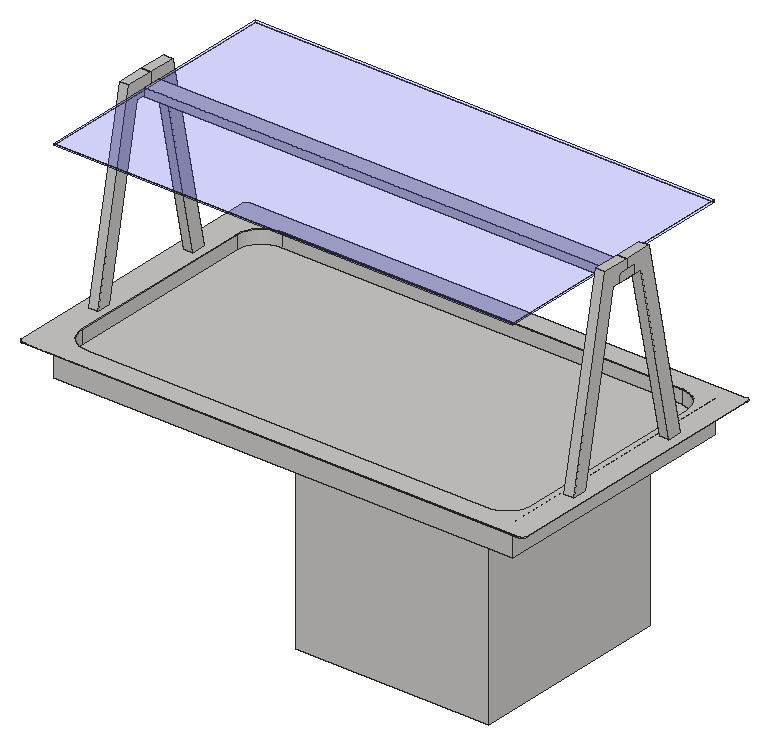
Revit family "QF_ELECTROLUXPROFESSIONAL_341169_D21C3O", category Attrezzature speciali, Revit 2020
Family settings
  Quota connettore circolare = Usa diametro
  Tipo di parte = Normale
  Basato su piano di lavoro = No
  Sempre verticale = Sì
  Taglio con vuoti quando caricato = No
  Condiviso = No
  Punto di calcolo locali = No
Parameters (values of type "Standard")
  Weight = 62.78 kg
  Watts = 0 W
  Volts = 220 V
  URL Manufacturer = "https://www.electroluxprofessional.com/"
  URL = "https://www.electroluxprofessional.com/"
  Steam Supply Size = 0 mm
  Steam Supply Minimum Pressure = 0.0 Pa
  Steam Supply Maximum Pressure = 0.0 Pa
  Steam Consumption per Hour = 0
  Refrigeration Suction Line Size = 0 mm
  Refrigeration Liquid Line Size = 0 mm
  Refrigerant Compressor Remote = yes
  Prospetto di default = 0 mm
  Produttore = "Electrolux Professional"
  Phase = 1
  Modello = "D21C3O"
  Length Actual = 1100 mm  # constant formula
  Item Number = "341169"
  Hot Water Size = 0 mm
  Height Actual = 784 mm  # constant formula
  HP = "0 HP"
  Gas Size = 0 mm
  Gas KW = 0
  Gas Input Pressure = 0 W
  Direct Waste Size = 0 mm
  Descrizione = "DROP-IN REFRIGERATED QUARTZ SURFACE, 3GN WITH A TYPE OVERSHELF AND LED LIGHT"
  Depth Actual = 620 mm  # constant formula
  Cycle = 50 Hz
  Condensate Return Size = 0 mm
  Compressed Air Volume = 0.0 L/s
  Compressed Air Size = 0 mm
  Compressed Air Pressure = 0.0 Pa
  Cold Water Size = 0 mm
  Accessory = yes
Reference planes
  plane 1 "BACK": y = 0
  plane 2: z = 5.426
  plane 3 "LEFT": x = 0
  plane 4: y = -620
  plane 5: z = 409.426
  plane 6: y = -310
  plane 7: x = 710
  plane 8: x = 1078
Forms (mm)
  Extrusion 1, solid, material "QF_Finishes_Stainless Steel"
    sketch origin (-320, 0, 5.426) x (1, 0, 0) y (0, 1, 0)
      loop
        arc (330, 0) -> (322.929, -2.929) -> (320, -10) r 10
        line (320, -10) -> (320, -610)
        arc (320, -610) -> (322.929, -617.071) -> (330, -620) r 10
        line (330, -620) -> (1410, -620)
        arc (1410, -620) -> (1417.071, -617.071) -> (1420, -610) r 10
        line (1420, -610) -> (1420, -10)
        arc (1420, -10) -> (1417.071, -2.929) -> (1410, 0) r 10
        line (1410, 0) -> (330, 0)
    from 0 to 1
  Extrusion 2, solid, material "QF_Finishes_Stainless Steel"
    sketch origin (0, 0, 12.548) x (1, 0, 0) y (0, 1, 0)
      loop
        line (50, -35) -> (50, -585) -> (1050, -585) -> (1050, -35) -> (50, -35)
    from -77.122 to -7.122
  Extrusion 3, void
    sketch origin (0, 0, -2.817) x (1, 0, 0) y (0, 1, 0)
      loop
        arc (115, -45) -> (76.109, -61.109) -> (60, -100) r 55
        line (60, -100) -> (60, -520)
        arc (60, -520) -> (76.109, -558.891) -> (115, -575) r 55
        line (115, -575) -> (985, -575)
        arc (985, -575) -> (1023.891, -558.891) -> (1040, -520) r 55
        line (1040, -520) -> (1040, -100)
        arc (1040, -100) -> (1023.891, -61.109) -> (985, -45) r 55
        line (985, -45) -> (115, -45)
    from -21.077 to 9.244
  Extrusion 4, solid, material "QF_Finishes_Stainless Steel"
    sketch origin (21.5, -620, 0) x (0, -1, 0) y (0, 0, -1)
      loop
        line (-310, -409.426) -> (-250.873, -409.426) -> (-165, -5.426) -> (-195, -5.426) -> (-272.583, -370.426) -> (-310, -370.426) -> (-310, -409.426)
    from 0 to 20
  Extrusion 5, solid, material "QF_Finishes_Stainless Steel"
    sketch origin (21.5, 0, 0) x (0, 1, 0) y (0, 0, 1)
      loop
        line (-310, 409.426) -> (-310, 370.426) -> (-272.583, 370.426) -> (-195, 5.426) -> (-165, 5.426) -> (-250.873, 409.426) -> (-310, 409.426)
    from 0 to 20
  Extrusion 6, solid, material "QF_Finishes_Stainless Steel"
    sketch origin (1078, -620, 0) x (0, -1, 0) y (0, 0, 1)
      loop
        line (-310, 409.426) -> (-310, 370.426) -> (-272.583, 370.426) -> (-195, 5.426) -> (-165, 5.426) -> (-250.873, 409.426) -> (-310, 409.426)
    from 0 to 20
  Extrusion 7, solid, material "QF_Finishes_Stainless Steel"
    sketch origin (1078, 0, 0) x (0, 1, 0) y (0, 0, -1)
      loop
        line (-310, -409.426) -> (-250.873, -409.426) -> (-165, -5.426) -> (-195, -5.426) -> (-272.583, -370.426) -> (-310, -370.426) -> (-310, -409.426)
    from 0 to 20
  Extrusion 8, solid, material "QF_Finishes_Stainless Steel"
    sketch origin (0, 0, 0) x (0, 1, 0) y (0, 0, 1)
      loop
        line (-291.292, 370.426) -> (-291.292, 387.956) -> (-328.917, 387.956) -> (-328.917, 370.426) -> (-291.292, 370.426)
    from 21.5 to 1078
  Extrusion 9, solid, material "Vetro"
    sketch origin (0, 0, 5.426) x (1, 0, 0) y (0, 1, 0)
      loop
        line (50, -35) -> (50, -585) -> (1050, -585) -> (1050, -35) -> (50, -35)
    from 382.529 to 387.529
  Extrusion 10, solid, material "QF_Finishes_Stainless Steel"
    sketch origin (483.814, -169.308, -122.574) x (1, 0, 0) y (0, 1, 0)
      loop
        circle (-372.814, -140.692) r 12.7
    from 5 to 58
  Extrusion 11, solid, material "QF_Finishes_Stainless Steel"
    sketch origin (-360.186, -10.639, 12) x (1, 0, 0) y (0, 0, 1)
      loop
        line (1313.186, -76.574) -> (893.186, -76.574) -> (893.186, -459.574) -> (1313.186, -459.574) -> (1313.186, -76.574)
    from 79.471 to 519.252
Cuts and joins
  Extrusion 3 cuts Extrusion 1
  Extrusion 3 cuts Extrusion 2
Dimensions and locks
  equal spacing: Extrusion 1, Extrusion 2 sketch curve, Extrusion 2 sketch curve, Extrusion 1  (x2)
  Extrusion 1 to Extrusion 1 = 1100 mm
  Extrusion 1 to plane 1 "BACK" = 620 mm
  equal spacing: Extrusion 2, Extrusion 3 sketch curve, Extrusion 3 sketch curve, Extrusion 2  (x2)
  plane 5 to plane 2 = 404 mm
  aligned and locked: level to plane 2
Connectors
  piping at (111, -310, -117.574), diameter 25.4
    settings: on Extrusion 10, index 5, connector inside diameter 609.6 mm, connector length 0 mm, flow factor 0, pipe flow 0.0 L/s, pressure drop 0.0 Pa, fitting loss kfactor 0, connector angle 0.00°, fixture units 0, engagement length 0 mm, angle of deflection 0.00°, flow configuration 0, flow direction 0, fitting loss method 0, system type 29, joint type 0, gender type 0, connector reference index -1, connector utility 0, adjustable connector no, is connector primary yes, connector description "D"
